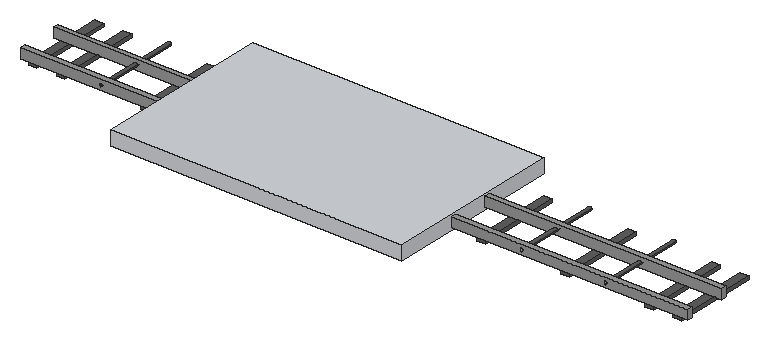
Revit family "1412-2, Veneer", category Generic Models, host Face, Revit 2020
Family settings
  Host = Face
  Can host rebar = No
  Round Connector Dimension = Use Diameter
  Part Type = Normal
  Cut with Voids When Loaded = No
  Shared = No
  Room Calculation Point = No
Parameters
  min_value [instance] = 2' - 4"  # constant formula
  max_value [instance] = 9' - 11 1/4"  # constant formula
  actual_value [instance] = if(NET LENGTH < min_value, min_value, if(NET LENGTH > max_value, max_value, NET LENGTH))  # 7' - 11 1/4"
  NET LENGTH [instance] = 7' - 11 1/4"
  IMPORTANT NOTE!!!                                                                             *Backer & dowel layout is for visualization purposes only, final layout to be determined by 9Wood. [instance] = ""
  Default Elevation = 4' - 0"
  DOWEL RADIUS [instance] = 0' - 0 1/4"  # constant formula
  BACKER & DOWEL MATERIAL [instance] = BLACK-BACKERS
  .. MEMBER WIDTH [instance] = 0' - 0 3/4"  # constant formula
  .. MEMBER MATERIAL [instance] = Veneer Cherry
  .. MEMBER DEPTH [instance] = 0' - 1 3/8"  # constant formula
  .. MEMBER COUNT [instance] = 2  # constant formula
Reference planes (in)
  plane 1 "Center (Front/Back)": y = 0
  plane 2: z = 0
  plane 3 "Center (Left/Right)": x = 0
Forms (in)
  Extrusion 1, solid
    sketch origin (0, 0, 0) x (1, 0, 0) y (0, 1, 0)
      loop
        line (-24.24823, 14.63962) -> (-24.24823, -10.69266) -> (17.36192, -10.69266) -> (17.36192, 14.63962) -> (-24.24823, 14.63962)
    from 0 to 2.0625
Dimensions and locks (in)
  aligned and locked: plane 2 to Extrusion 1
  aligned and locked: nested 1 to plane 2
Nested families (in)
  nested 1: "1400 series" at (-44.01308, -2.1224, -0.06061), NET LENGTH <- "actual_value", .. MEMBER DEPTH <- ".. MEMBER DEPTH", .. MEMBER WIDTH <- ".. MEMBER WIDTH", DOWEL RADIUS <- "DOWEL RADIUS", BACKER & DOWEL MATERIAL <- "BACKER & DOWEL MATERIAL", .. MEMBER MATERIAL <- ".. MEMBER MATERIAL", MEMBER COUNT <- ".. MEMBER COUNT", type "1400 series"
    with X 7' - 8", SCRIM MATERIAL SCRIM, SCRIM LENGTH 8' - 1", SCRIM APPEARANCE yes, SCRIM 2 0' - 0 7/8", SCRIM 1 0' - 0 3/32", OC TYP 1' - 0", NET LENGTH 7' - 11 1/4", N 8, MEMBER COUNT 2, INSET 2 0' - 0 3/16", INSET 0' - 1", HALF MEMBER WIDTH 0' - 0 3/8", END BACKER yes, DOWEL RADIUS 0' - 0 1/4", DOWEL INDEX 0' - 11 5/8", DOWEL COUNT 7, BACKING M COUNT 8, BACKER WIDTH 0' - 1 1/4", BACKER INDEX 0' - 5 5/8", BACKER DEPTH 0' - 0 1/2", BACKER & DOWEL MATERIAL BLACK-BACKERS, BACKER &  DOWEL LENGTH 0' - 11 7/8", .. MEMBER WIDTH 0' - 0 3/4", .. MEMBER OC TYP 0' - 6", .. MEMBER MATERIAL Veneer Cherry, .. MEMBER DEPTH 0' - 1 3/8"
Definition of nested family "1400 series"
  Parameters (values of type "1400 series")
    X [instance] = NET LENGTH - 0' 3 1/4"  # 7' - 2"
    SCRIM MATERIAL [instance] = none
    SCRIM APPEARANCE [instance] = yes
    SCRIM 2 [instance] = 0' - 0 7/8"  # constant formula
    SCRIM 1 [instance] = 0' - 0 3/32"  # constant formula
    OC TYP [instance] = 1' - 0"  # constant formula
    N [instance] = if((X - (rounddown(X / 1' 0") * 1' 0")) > 1' 0", rounddown(X / 1' 0") + 2, rounddown(X / 1' 0") + 1)  # 8
    MEMBER COUNT [instance] = 2
    INSET 5 = 0' - 0 11/16"  # constant formula
    INSET 2 [instance] = 0' - 0 3/16"  # constant formula
    INSET [instance] = 0' - 1"  # constant formula
    END BACKER [instance] = BACKER INDEX > 0' 3 5/8"  # no
    HALF MEMBER WIDTH [instance] = .. MEMBER WIDTH / 2  # 0' - 1 1/8"
    Default Elevation = 0' - 0"
    DOWEL RADIUS [instance] = 0' - 0 1/4"
    DOWEL INDEX [instance] = BACKER INDEX + 0' 6"  # 0' - 8 5/8"
    DOWEL COUNT [instance] = N - 1  # 7
    BACKER WIDTH [instance] = 0' - 1 1/4"  # constant formula
    BACKER INDEX [instance] = (NET LENGTH - ((N - 1) * 1' 0")) / 2  # 0' - 2 5/8"
    BACKER DEPTH [instance] = 0' - 0 1/2"  # constant formula
    BACKING M COUNT [instance] = N  # 8
    BACKER & DOWEL MATERIAL [instance] = none
    BACKER &  DOWEL LENGTH [instance] = 0' - 11 7/8"  # constant formula
    SCRIM LENGTH [instance] = NET LENGTH + (SCRIM 2 * 2)  # 7' - 7"
    .. MEMBER WIDTH [instance] = 0' - 2 1/4"
    .. MEMBER OC TYP [instance] = 1' 0" / MEMBER COUNT  # 0' - 6"
    .. MEMBER MATERIAL [instance] = none
    NET LENGTH [instance] = 7' - 5 1/4"
    .. MEMBER DEPTH [instance] = 0' - 4"
  Reference planes (in)
    plane 1 "Center (Front/Back)": y = 0
    plane 2: z = 0
    plane 3 "Center (Left/Right)": x = 0
    plane 4: x = 89.25
    plane 5: x = 1
    plane 6: x = 88.25
    plane 7: x = 2.625
    plane 8: x = 8.625
    plane 9: x = 14.625
    plane 10: x = 20.625
    plane 11: y = 0.1875
    plane 12: y = 1.125
    plane 13: y = 7.125
    plane 14: y = 12.0625
    plane 15: x = 90.125
    plane 16: x = -0.875
    plane 17: y = 12.15625
    plane 18: y = -0.09375
    plane 19: z = 2.7097
    plane 20: z = 0.56061
    plane 21: z = 1.24811
  Lines and regions (in)
    model lines, not visible
      curve 1: line (8.625, 0, 0.99811) -> (8.625, 0, 1.49811)
      curve 2: line (8.625, 0, 1.49811) -> (8.375, 0, 1.24811)
      curve 3: line (8.375, 0, 1.24811) -> (8.875, 0, 1.24811)
      curve 4: line (20.625, 0, 0.99811) -> (20.625, 0, 1.49811)
      curve 5: line (20.625, 0, 1.49811) -> (20.375, 0, 1.24811)
      curve 6: line (20.375, 0, 1.24811) -> (20.875, 0, 1.24811)
      curve 7: line (32.625, 0, 0.99811) -> (32.625, 0, 1.49811)
      curve 8: line (32.625, 0, 1.49811) -> (32.375, 0, 1.24811)
      curve 9: line (32.375, 0, 1.24811) -> (32.875, 0, 1.24811)
      curve 10: line (44.625, 0, 0.99811) -> (44.625, 0, 1.49811)
      curve 11: line (44.625, 0, 1.49811) -> (44.375, 0, 1.24811)
      curve 12: line (44.375, 0, 1.24811) -> (44.875, 0, 1.24811)
      curve 13: line (56.625, 0, 0.99811) -> (56.625, 0, 1.49811)
      curve 14: line (56.625, 0, 1.49811) -> (56.375, 0, 1.24811)
      curve 15: line (56.375, 0, 1.24811) -> (56.875, 0, 1.24811)
      curve 16: line (68.625, 0, 0.99811) -> (68.625, 0, 1.49811)
      curve 17: line (68.625, 0, 1.49811) -> (68.375, 0, 1.24811)
      curve 18: line (68.375, 0, 1.24811) -> (68.875, 0, 1.24811)
      curve 19: line (80.625, 0, 0.99811) -> (80.625, 0, 1.49811)
      curve 20: line (80.625, 0, 1.49811) -> (80.375, 0, 1.24811)
      curve 21: line (80.375, 0, 1.24811) -> (80.875, 0, 1.24811)
  Dimensions and locks (in)
    "INSET": plane 3 "Center (Left/Right)" to plane 5
    "NET LENGTH": plane 3 "Center (Left/Right)" to plane 4
    "INSET": plane 6 to plane 4
    "BACKER INDEX": plane 3 "Center (Left/Right)" to plane 7
    "DOWEL INDEX": plane 3 "Center (Left/Right)" to plane 8
    "OC TYP": plane 7 to plane 9
    "OC TYP": plane 8 to plane 10
    "INSET 2": plane 1 "Center (Front/Back)" to plane 11
    equal spacing: group 1, group 2, group 5, group 6, group 7, group 13, group 14, group 16  (x3)
    equal spacing: group 3, group 4, group 8, group 9, group 10, group 15, group 17  (x3)
    group 11 to group 12 = 0' - 0"  (x2)
    group 11 to group 12 = 0' - 6"
    ".. MEMBER OC TYP": plane 13 to plane 12
    "HALF MEMBER WIDTH": plane 1 "Center (Front/Back)" to plane 12
    "SCRIM 2": plane 16 to plane 3 "Center (Left/Right)"
    "SCRIM 2": plane 4 to plane 15
    "SCRIM 1": plane 18 to plane 1 "Center (Front/Back)"
    "SCRIM 1": plane 17 to plane 14
    "INSET 5": plane 21 to plane 20
    aligned and locked: level to plane 2
    aligned and locked: plane 7 to nested 2
    aligned and locked: plane 5 to nested 1
    aligned and locked: plane 9 to nested 3
    aligned and locked: nested 1 to plane 5
    aligned and locked: nested 2 to plane 11
    aligned and locked: nested 1 to plane 11
    aligned and locked: nested 3 to plane 11
    aligned and locked: nested 4 to plane 11  (x2)
    aligned and locked: plane 10 to nested 5
    aligned and locked: plane 6 to nested 12
    aligned and locked: nested 5 to plane 11
    aligned and locked: plane 11 to nested 12
    aligned and locked: plane 12 to nested 13
    aligned and locked: nested 14 to plane 13
    aligned and locked: plane 14 to nested 8
    aligned and locked: nested 13 to plane 20
    aligned and locked: plane 21 to nested 4
    aligned and locked: plane 21 to nested 5
    aligned and locked: nested 13 to plane 8
    aligned and locked: plane 10 to nested 13
    aligned and locked: curve 1 to nested 13
    aligned and locked: nested 13 to curve 4
    aligned and locked: plane 20 to nested 1
    aligned and locked: plane 20 to nested 2
    aligned and locked: nested 12 to plane 20
  Automatic sketch dimensions
    curve 3 to curve 1 = 0' - 0 1/4"  (x2)
    curve 1 to curve 3 = 0' - 0 1/4"
    curve 1 to curve 2 = 0' - 0 1/4"
    curve 6 to curve 4 = 0' - 0 1/4"  (x2)
    curve 4 to curve 6 = 0' - 0 1/4"
    curve 4 to curve 5 = 0' - 0 1/4"
    curve 9 to curve 7 = 0' - 0 1/4"  (x2)
    curve 7 to curve 9 = 0' - 0 1/4"
    curve 7 to curve 8 = 0' - 0 1/4"
    curve 12 to curve 10 = 0' - 0 1/4"  (x2)
    curve 10 to curve 12 = 0' - 0 1/4"
    curve 10 to curve 11 = 0' - 0 1/4"
    curve 15 to curve 13 = 0' - 0 1/4"  (x2)
    curve 13 to curve 15 = 0' - 0 1/4"
    curve 13 to curve 14 = 0' - 0 1/4"
    curve 18 to curve 16 = 0' - 0 1/4"  (x2)
    curve 16 to curve 18 = 0' - 0 1/4"
    curve 16 to curve 17 = 0' - 0 1/4"
    curve 21 to curve 19 = 0' - 0 1/4"  (x2)
    curve 19 to curve 21 = 0' - 0 1/4"
    curve 19 to curve 20 = 0' - 0 1/4"
  Nested families (in)
    nested 1: "INSTANCE - 3RD -  EXTEND BOTH SIDES - Parametric Cube.0001" at (1, 0.1875, 0.56061), Length <- "BACKER &  DOWEL LENGTH", Width <- "BACKER WIDTH", Height <- "BACKER DEPTH", Material <- "BACKER & DOWEL MATERIAL", visible <- "END BACKER", type "INSTANCE - 3RD -  EXTEND BOTH SIDES - Parametric Cube.0001"
      with Width 0' - 1 1/4", Material none, Length 0' - 11 7/8", Height 0' - 0 1/2"
    nested 2: "INSTANCE - 2ND -  EXTEND SIDE H CENTER W - Parametric Cube.0001" at (2.625, 0.1875, 0.56061), Width <- "BACKER WIDTH", Length <- "BACKER &  DOWEL LENGTH", Height <- "BACKER DEPTH", Material <- "BACKER & DOWEL MATERIAL", type "INSTANCE - 2ND -  EXTEND SIDE H CENTER W - Parametric Cube.0001"
      with Width 0' - 1 1/4", Material none, Length 0' - 11 7/8", Height 0' - 0 1/2"
    nested 3: "INSTANCE - 2ND -  EXTEND SIDE H CENTER W - Parametric Cube.0001" at (14.625, 0.1875, 0.56061), Width <- "BACKER WIDTH", Length <- "BACKER &  DOWEL LENGTH", Height <- "BACKER DEPTH", Material <- "BACKER & DOWEL MATERIAL", type "INSTANCE - 2ND -  EXTEND SIDE H CENTER W - Parametric Cube.0001"
      with Width 0' - 1 1/4", Material none, Length 0' - 11 7/8", Height 0' - 0 1/2"
    nested 4: "DOWEL" at (-1.375, 0.1875, 1.24811), DOWEL LENGTH <- "BACKER &  DOWEL LENGTH", DOWEL RADII <- "DOWEL RADIUS", BACKING MEM MATERIAL <- "BACKER & DOWEL MATERIAL", type "DOWEL"
      with DOWEL RADII 0' - 0 1/4", DOWEL LENGTH 0' - 11 7/8", BACKING MEM MATERIAL none
    nested 5: "DOWEL" at (10.625, 0.1875, 1.24811), DOWEL LENGTH <- "BACKER &  DOWEL LENGTH", DOWEL RADII <- "DOWEL RADIUS", BACKING MEM MATERIAL <- "BACKER & DOWEL MATERIAL", type "DOWEL"
      with DOWEL RADII 0' - 0 1/4", DOWEL LENGTH 0' - 11 7/8", BACKING MEM MATERIAL none
    nested 6: "INSTANCE - 2ND -  EXTEND SIDE H CENTER W - Parametric Cube.0001" at (26.625, 0.1875, 0.56061), Width <- "BACKER WIDTH", Length <- "BACKER &  DOWEL LENGTH", Height <- "BACKER DEPTH", Material <- "BACKER & DOWEL MATERIAL", type "INSTANCE - 2ND -  EXTEND SIDE H CENTER W - Parametric Cube.0001"
      with Width 0' - 1 1/4", Material none, Length 0' - 11 7/8", Height 0' - 0 1/2"
    nested 7: "INSTANCE - 2ND -  EXTEND SIDE H CENTER W - Parametric Cube.0001" at (38.625, 0.1875, 0.56061), Width <- "BACKER WIDTH", Length <- "BACKER &  DOWEL LENGTH", Height <- "BACKER DEPTH", Material <- "BACKER & DOWEL MATERIAL", type "INSTANCE - 2ND -  EXTEND SIDE H CENTER W - Parametric Cube.0001"
      with Width 0' - 1 1/4", Material none, Length 0' - 11 7/8", Height 0' - 0 1/2"
    nested 8: "INSTANCE - 2ND -  EXTEND SIDE H CENTER W - Parametric Cube.0001" at (50.625, 0.1875, 0.56061), Width <- "BACKER WIDTH", Length <- "BACKER &  DOWEL LENGTH", Height <- "BACKER DEPTH", Material <- "BACKER & DOWEL MATERIAL", type "INSTANCE - 2ND -  EXTEND SIDE H CENTER W - Parametric Cube.0001"
      with Width 0' - 1 1/4", Material none, Length 0' - 11 7/8", Height 0' - 0 1/2"
    nested 9: "DOWEL" at (22.625, 0.1875, 1.24811), DOWEL LENGTH <- "BACKER &  DOWEL LENGTH", DOWEL RADII <- "DOWEL RADIUS", BACKING MEM MATERIAL <- "BACKER & DOWEL MATERIAL", type "DOWEL"
      with DOWEL RADII 0' - 0 1/4", DOWEL LENGTH 0' - 11 7/8", BACKING MEM MATERIAL none
    nested 10: "DOWEL" at (34.625, 0.1875, 1.24811), DOWEL LENGTH <- "BACKER &  DOWEL LENGTH", DOWEL RADII <- "DOWEL RADIUS", BACKING MEM MATERIAL <- "BACKER & DOWEL MATERIAL", type "DOWEL"
      with DOWEL RADII 0' - 0 1/4", DOWEL LENGTH 0' - 11 7/8", BACKING MEM MATERIAL none
    nested 11: "DOWEL" at (46.625, 0.1875, 1.24811), DOWEL LENGTH <- "BACKER &  DOWEL LENGTH", DOWEL RADII <- "DOWEL RADIUS", BACKING MEM MATERIAL <- "BACKER & DOWEL MATERIAL", type "DOWEL"
      with DOWEL RADII 0' - 0 1/4", DOWEL LENGTH 0' - 11 7/8", BACKING MEM MATERIAL none
    nested 12: "INSTANCE - 3RD -  EXTEND BOTH SIDES - Parametric Cube.0001" at (88.25, 0.1875, 0.56061) x (-1, 0, 0) z (0, 0, 1), Width <- "BACKER WIDTH", Length <- "BACKER &  DOWEL LENGTH", Height <- "BACKER DEPTH", Material <- "BACKER & DOWEL MATERIAL", visible <- "END BACKER", type "INSTANCE - 3RD -  EXTEND BOTH SIDES - Parametric Cube.0001"
      with Width 0' - 1 1/4", Material none, Length 0' - 11 7/8", Height 0' - 0 1/2"
    nested 13: "HOLED MEMBER" at (0, -9.75, 8.12965), DOWEL INDEX <- "DOWEL INDEX", .. MEMBER LENGTH <- "NET LENGTH", .. MEMBER WIDTH <- ".. MEMBER WIDTH", DOWEL OC DIST <- "OC TYP", DOWEL RADII <- "DOWEL RADIUS", Material <- ".. MEMBER MATERIAL", DEPTH <- ".. MEMBER DEPTH", DOWEL COUNT <- "DOWEL COUNT", Space <- "INSET 5", type "HOLED MEMBER"
      with Space 0' - 0 11/16", Material none, Height 0' - 10.43096", HALF MEMBER WIDTH 0' - 1 1/8", DOWEL RADII 0' - 0 1/4", DOWEL OC DIST 1' - 0", DOWEL INDEX 0' - 8 5/8", DOWEL COUNT 7, DEPTH 0' - 4", .. MEMBER WIDTH 0' - 2 1/4", .. MEMBER LENGTH 7' - 5 1/4"
    nested 14: "HOLED MEMBER" at (0, -3.75, 8.12965), DOWEL INDEX <- "DOWEL INDEX", .. MEMBER LENGTH <- "NET LENGTH", .. MEMBER WIDTH <- ".. MEMBER WIDTH", DOWEL OC DIST <- "OC TYP", DOWEL RADII <- "DOWEL RADIUS", Material <- ".. MEMBER MATERIAL", DEPTH <- ".. MEMBER DEPTH", DOWEL COUNT <- "DOWEL COUNT", Space <- "INSET 5", type "HOLED MEMBER"
      with Space 0' - 0 11/16", Material none, Height 0' - 10.43096", HALF MEMBER WIDTH 0' - 1 1/8", DOWEL RADII 0' - 0 1/4", DOWEL OC DIST 1' - 0", DOWEL INDEX 0' - 8 5/8", DOWEL COUNT 7, DEPTH 0' - 4", .. MEMBER WIDTH 0' - 2 1/4", .. MEMBER LENGTH 7' - 5 1/4"
    nested 15: "INSTANCE - 2ND -  EXTEND SIDE H CENTER W - Parametric Cube.0001" at (62.625, 0.1875, 0.56061), Width <- "BACKER WIDTH", Length <- "BACKER &  DOWEL LENGTH", Height <- "BACKER DEPTH", Material <- "BACKER & DOWEL MATERIAL", type "INSTANCE - 2ND -  EXTEND SIDE H CENTER W - Parametric Cube.0001"
      with Width 0' - 1 1/4", Material none, Length 0' - 11 7/8", Height 0' - 0 1/2"
    nested 16: "INSTANCE - 2ND -  EXTEND SIDE H CENTER W - Parametric Cube.0001" at (74.625, 0.1875, 0.56061), Width <- "BACKER WIDTH", Length <- "BACKER &  DOWEL LENGTH", Height <- "BACKER DEPTH", Material <- "BACKER & DOWEL MATERIAL", type "INSTANCE - 2ND -  EXTEND SIDE H CENTER W - Parametric Cube.0001"
      with Width 0' - 1 1/4", Material none, Length 0' - 11 7/8", Height 0' - 0 1/2"
    nested 17: "DOWEL" at (58.625, 0.1875, 1.24811), DOWEL LENGTH <- "BACKER &  DOWEL LENGTH", DOWEL RADII <- "DOWEL RADIUS", BACKING MEM MATERIAL <- "BACKER & DOWEL MATERIAL", type "DOWEL"
      with DOWEL RADII 0' - 0 1/4", DOWEL LENGTH 0' - 11 7/8", BACKING MEM MATERIAL none
    nested 18: "INSTANCE - 2ND -  EXTEND SIDE H CENTER W - Parametric Cube.0001" at (86.625, 0.1875, 0.56061), Width <- "BACKER WIDTH", Length <- "BACKER &  DOWEL LENGTH", Height <- "BACKER DEPTH", Material <- "BACKER & DOWEL MATERIAL", type "INSTANCE - 2ND -  EXTEND SIDE H CENTER W - Parametric Cube.0001"
      with Width 0' - 1 1/4", Material none, Length 0' - 11 7/8", Height 0' - 0 1/2"
    nested 19: "DOWEL" at (70.625, 0.1875, 1.24811), DOWEL LENGTH <- "BACKER &  DOWEL LENGTH", DOWEL RADII <- "DOWEL RADIUS", BACKING MEM MATERIAL <- "BACKER & DOWEL MATERIAL", type "DOWEL"
      with DOWEL RADII 0' - 0 1/4", DOWEL LENGTH 0' - 11 7/8", BACKING MEM MATERIAL none
  Definition of nested family "INSTANCE - 3RD -  EXTEND BOTH SIDES - Parametric Cube.0001"
    Parameters (values of type "INSTANCE - 3RD -  EXTEND BOTH SIDES - Parametric Cube.0001")
      Width [instance] = 0' - 6"
      Material [instance] = none
      Length [instance] = 1' - 0"
      Height [instance] = 1' - 6"
      Default Elevation = 0' - 0"
    Reference planes (in)
      plane 1 "Center (Front/Back)": y = 0
      plane 2: z = 0
      plane 3 "Center (Left/Right)": x = 0
      plane 4: x = 6
      plane 5: y = 12
      plane 6: z = -18
    Forms (in)
      Extrusion 1, solid, material <- "Material"
        sketch origin (0, 6, 0) x (1, 0, 0) y (0, 1, 0)
          loop
            line (0, 6) -> (0, -6) -> (6, -6) -> (6, 6) -> (0, 6)
        from -18 to 0
    Dimensions and locks (in)
      "Height": plane 6 to level
      "Length": plane 1 "Center (Front/Back)" to plane 5
      "Width": plane 3 "Center (Left/Right)" to plane 4
      aligned and locked: plane 2 to level
      aligned and locked: Extrusion 1 sketch curve to plane 4
      aligned and locked: Extrusion 1 to plane 6
      aligned and locked: plane 5 to Extrusion 1
      aligned and locked: Extrusion 1 to plane 3 "Center (Left/Right)"
    Automatic sketch dimensions
      plane 1 "Center (Front/Back)" to Extrusion 1 sketch curve = 0' - 0"
      plane 5 to Extrusion 1 sketch curve = 0' - 0"
      Extrusion 1 sketch curve to plane 3 "Center (Left/Right)" = 0' - 0"
  Definition of nested family "INSTANCE - 2ND -  EXTEND SIDE H CENTER W - Parametric Cube.0001"
    Parameters (values of type "INSTANCE - 2ND -  EXTEND SIDE H CENTER W - Parametric Cube.0001")
      Width [instance] = 0' - 6"
      Material [instance] = none
      Length [instance] = 1' - 0"
      Height [instance] = 1' - 6"
      Default Elevation = 0' - 0"
    Reference planes (in)
      plane 1 "Center (Front/Back)": y = 0
      plane 2: z = 0
      plane 3 "Center (Left/Right)": x = 0
      plane 4: x = -3
      plane 5: x = 3
      plane 6: y = 12
      plane 7: z = -18
    Forms (in)
      Extrusion 1, solid, material <- "Material"
        sketch origin (0, 6, 0) x (1, 0, 0) y (0, 1, 0)
          loop
            line (-3, 6) -> (-3, -6) -> (3, -6) -> (3, 6) -> (-3, 6)
        from -18 to 0
    Dimensions and locks (in)
      equal spacing: plane 4, plane 3 "Center (Left/Right)", plane 5
      "Width": plane 4 to plane 5
      "Height": plane 7 to level
      "Length": plane 1 "Center (Front/Back)" to plane 6
      aligned and locked: plane 2 to level
      aligned and locked: plane 4 to Extrusion 1 sketch curve
      aligned and locked: Extrusion 1 sketch curve to plane 5
      aligned and locked: Extrusion 1 to plane 7
      aligned and locked: plane 6 to Extrusion 1
    Automatic sketch dimensions
      plane 1 "Center (Front/Back)" to Extrusion 1 sketch curve = 0' - 0"
      plane 6 to Extrusion 1 sketch curve = 0' - 0"
  Definition of nested family "DOWEL"
    Parameters (values of type "DOWEL")
      Default Elevation = 0' - 0"
      DOWEL RADII [instance] = 0' - 0 5/8"
      DOWEL LENGTH [instance] = 1' - 0"
      BACKING MEM MATERIAL [instance] = none
    Reference planes (in)
      plane 1 "Center (Front/Back)": y = 0
      plane 2: z = 0
      plane 3 "Center (Left/Right)": x = 0
      plane 4: y = 12
    Forms (in)
      Extrusion 1, solid, material <- "BACKING MEM MATERIAL"
        sketch origin (10, 0, 0) x (1, 0, 0) y (0, 0, 1)
          loop
            circle (0, 0) r 0.625
        from 0 to -12
      Extrusion 2, solid, not visible
        sketch origin (0, 0, 0) x (1, 0, 0) y (0, 0, 1)
          loop
            circle (0, 0) r 0.625
        from 0 to 12
      Extrusion 3, solid, not visible
        sketch origin (10, 0, 0) x (1, 0, 0) y (0, 0, 1)
          loop
            circle (0, 0) r 0.625
        from 0 to 2.5
      Extrusion 4, solid, not visible
        sketch origin (10, 0, 0) x (1, 0, 0) y (0, 0, 1)
          loop
            circle (0, 0) r 0.625
        from 0 to -12
    Lines and regions (in)
      model lines, not visible
        curve 1: line (-13, 0, 0) -> (-13, -12, 0)
        curve 2: line (13, 0, 0) -> (13, -12, 0)
        curve 3: line (9.89453, 0, 0) -> (10.08794, 0, 0)
        curve 4: line (9.89453, -2.5, 0) -> (10.08794, -2.5, 0)
        curve 6: line (10, 0, 0) -> (10, 2, 0)
      model lines
        curve 5: line (10, 0, 0) -> (10, 2, 0)
    Dimensions and locks (in)
      "DOWEL LENGTH": plane 1 "Center (Front/Back)" to plane 4
      "DOWEL RADII": radius of Extrusion 1 sketch curve
      "DOWEL RADII": radius of Extrusion 2 sketch curve
      "DOWEL RADII": radius of Extrusion 3 sketch curve
      "DOWEL RADII": radius of Extrusion 4 sketch curve
      "DOWEL RADII": radius of Extrusion 1
      aligned and locked: plane 2 to level
      aligned and locked: Extrusion 1 to plane 1 "Center (Front/Back)"  (x3)
      aligned and locked: plane 1 "Center (Front/Back)" to Extrusion 1
      aligned and locked: plane 4 to Extrusion 1
    Automatic sketch dimensions
      plane 1 "Center (Front/Back)" to curve 5 = 0' - 0"
      curve 5 to plane 1 "Center (Front/Back)" = 0' - 2"
      plane 3 "Center (Left/Right)" to curve 5 = 0' - 10"
      Extrusion 1 sketch curve to level = 0' - 0"
      plane 3 "Center (Left/Right)" to Extrusion 1 sketch curve = 0' - 10"
  Definition of nested family "HOLED MEMBER"
    Parameters (values of type "HOLED MEMBER")
      Space [instance] = 0' - 0 5/8"
      Material [instance] = none
      Height [instance] = 0' - 10.43096"
      HALF MEMBER WIDTH [instance] = .. MEMBER WIDTH / 2  # 0' - 0 5/16"
      Default Elevation = 0' - 0"
      DOWEL RADII [instance] = 0' - 0.34537"
      DOWEL OC DIST [instance] = 1' - 0"
      DOWEL INSET = 0' - 0 5/8"
      DOWEL INDEX [instance] = 0' - 5 5/8"
      DOWEL COUNT [instance] = 6
      DEPTH [instance] = 0' - 2"
      .. MEMBER WIDTH [instance] = 0' - 0 5/8"
      .. MEMBER LENGTH [instance] = 5' - 11 3/4"
    Reference planes (in)
      plane 1 "Center (Front/Back)": y = 12
      plane 2: z = -7.56904
      plane 3 "Center (Left/Right)": x = 0
      plane 4: x = 5.625
      plane 5: x = 17.625
      plane 6: y = 11.375
      plane 7: x = 71.75
      plane 8: y = 11.6875
      plane 9: z = -6.94404
      plane 10: z = -5.56904
    Forms (in)
      Extrusion 1, solid, material <- "Material"
        sketch origin (0, 12, -13.56904) x (1, 0, 0) y (0, 0, 1)
          loop
            line (0, 6) -> (71.75, 6) -> (71.75, 8) -> (0, 8) -> (0, 6)
        from 0.625 to 0
      Extrusion 2, void
        sketch origin (0, 12, -18.31904) x (1, 0, 0) y (0, 0, 1)
          loop
            circle (5.625, 11.375) r 0.34537
        from 0 to 12
      Extrusion 3, void, not visible
        sketch origin (0, 0, 0) x (1, 0, 0) y (0, 1, 0)
          loop
            circle (5.625, 11.375) r 0.34537
        from 0 to 12
      Extrusion 4, void, not visible
        sketch origin (0, 0, 0) x (1, 0, 0) y (0, 1, 0)
          loop
            circle (5.625, 11.375) r 0.34537
        from 0 to 12
      Extrusion 5, void, not visible
        sketch origin (12, 0, 0) x (1, 0, 0) y (0, 1, 0)
          loop
            circle (5.625, 11.375) r 0.34537
        from 0 to 12
      Extrusion 6, void, not visible
        sketch origin (0, 12, -17.56904) x (1, 0, 0) y (0, 0, 1)
          loop
            circle (5.625, 11.375) r 0.34537
        from 0 to 12
      Extrusion 7, void, not visible
        sketch origin (12, 12, -17.56904) x (1, 0, 0) y (0, 0, 1)
          loop
            circle (5.625, 11.375) r 0.34537
        from 0 to 12
      Extrusion 8, void, not visible
        sketch origin (0, 12, -19.56904) x (1, 0, 0) y (0, 0, 1)
          loop
            circle (5.625, 11.375) r 0.34537
        from 0 to 12
      Extrusion 9, void
        sketch origin (12, 12, -18.31904) x (1, 0, 0) y (0, 0, 1)
          loop
            circle (5.625, 11.375) r 0.34537
        from 0 to 12
      Extrusion 10, void
        sketch origin (24, 12, -18.31904) x (1, 0, 0) y (0, 0, 1)
          loop
            circle (5.625, 11.375) r 0.34537
        from 0 to 12
      Extrusion 11, void
        sketch origin (36, 12, -18.31904) x (1, 0, 0) y (0, 0, 1)
          loop
            circle (5.625, 11.375) r 0.34537
        from 0 to 12
      Extrusion 12, void
        sketch origin (48, 12, -18.31904) x (1, 0, 0) y (0, 0, 1)
          loop
            circle (5.625, 11.375) r 0.34537
        from 0 to 12
      Extrusion 13, void
        sketch origin (60, 12, -18.31904) x (1, 0, 0) y (0, 0, 1)
          loop
            circle (5.625, 11.375) r 0.34537
        from 0 to 12
      Extrusion 14, void, not visible
        sketch origin (24, 12, -17.56904) x (1, 0, 0) y (0, 0, 1)
          loop
            circle (5.625, 11.375) r 0.34537
        from 0 to 12
      Extrusion 15, void, not visible
        sketch origin (36, 12, -17.56904) x (1, 0, 0) y (0, 0, 1)
          loop
            circle (5.625, 11.375) r 0.34537
        from 0 to 12
      Extrusion 16, void, not visible
        sketch origin (48, 12, -17.56904) x (1, 0, 0) y (0, 0, 1)
          loop
            circle (5.625, 11.375) r 0.34537
        from 0 to 12
      Extrusion 17, void, not visible
        sketch origin (60, 12, -17.56904) x (1, 0, 0) y (0, 0, 1)
          loop
            circle (5.625, 11.375) r 0.34537
        from 0 to 12
      Extrusion 18, void, not visible
        sketch origin (24, 0, 0) x (1, 0, 0) y (0, 1, 0)
          loop
            circle (5.625, 11.375) r 0.34537
        from 0 to 12
      Extrusion 19, void, not visible
        sketch origin (36, 0, 0) x (1, 0, 0) y (0, 1, 0)
          loop
            circle (5.625, 11.375) r 0.34537
        from 0 to 12
      Extrusion 20, void, not visible
        sketch origin (48, 0, 0) x (1, 0, 0) y (0, 1, 0)
          loop
            circle (5.625, 11.375) r 0.34537
        from 0 to 12
      Extrusion 21, void, not visible
        sketch origin (60, 0, 0) x (1, 0, 0) y (0, 1, 0)
          loop
            circle (5.625, 11.375) r 0.34537
        from 0 to 12
    Cuts and joins
      Extrusion 2, Extrusion 9, Extrusion 10, Extrusion 11, Extrusion 12, Extrusion 13 cuts Extrusion 1
    Lines and regions (in)
      model lines, not visible
        curve 1: line (5.625, 11.72037, 0) -> (5.625, 11.02963, 0)
        curve 2: line (5.625, 11.72037, 0) -> (5.625, 11.02963, 0)
        curve 3: line (17.625, 11.72037, 0) -> (17.625, 11.02963, 0)
        curve 4: line (5.625, 12, -7.56904) -> (5.625, 11.87317, -7.56904)
        curve 5: line (5.625, 11.87317, -7.56904) -> (5.06195, 11.87317, -7.56904)
        curve 6: line (5.06195, 11.87317, -7.56904) -> (5.27963, 11.375, -7.56904)
        curve 7: line (0, 12, -6.19404) -> (0, 11.61951, -6.19404)
        curve 9: line (0, 11.375, -8.19404) -> (0, 11.6747, -8.19404)
        curve 10: line (5.625, 12, -7.56904) -> (5.625, 11.69863, -7.56904)
        curve 11: line (5.625, 12, -7.56904) -> (5.625, 11.69863, -7.56904)
        curve 12: line (5.625, 10.75, 0) -> (5.625, 10.75, 0.30137)
        curve 13: line (5.625, 10.75, 0) -> (5.625, 10.75, 0.30137)
        curve 14: line (17.625, 10.75, 0) -> (17.625, 10.75, 0.30137)
        curve 15: line (5.625, 12, -6.81904) -> (5.625, 11.69863, -6.81904)
        curve 16: line (17.625, 12, -6.81904) -> (17.625, 11.69863, -6.81904)
        curve 17: line (5.625, 12, -8.81904) -> (5.625, 11.69863, -8.81904)
        curve 18: line (17.625, 12, -7.56904) -> (17.625, 11.69863, -7.56904)
        curve 19: line (29.625, 12, -7.56904) -> (29.625, 11.69863, -7.56904)
        curve 20: line (41.625, 12, -7.56904) -> (41.625, 11.69863, -7.56904)
        curve 21: line (53.625, 12, -7.56904) -> (53.625, 11.69863, -7.56904)
        curve 22: line (65.625, 12, -7.56904) -> (65.625, 11.69863, -7.56904)
        curve 23: line (29.625, 12, -6.81904) -> (29.625, 11.69863, -6.81904)
        curve 24: line (41.625, 12, -6.81904) -> (41.625, 11.69863, -6.81904)
        curve 25: line (53.625, 12, -6.81904) -> (53.625, 11.69863, -6.81904)
        curve 26: line (65.625, 12, -6.81904) -> (65.625, 11.69863, -6.81904)
        curve 27: line (29.625, 11.72037, 0) -> (29.625, 11.02963, 0)
        curve 28: line (29.625, 10.75, 0) -> (29.625, 10.75, 0.30137)
        curve 29: line (41.625, 11.72037, 0) -> (41.625, 11.02963, 0)
        curve 30: line (41.625, 10.75, 0) -> (41.625, 10.75, 0.30137)
        curve 31: line (53.625, 11.72037, 0) -> (53.625, 11.02963, 0)
        curve 32: line (53.625, 10.75, 0) -> (53.625, 10.75, 0.30137)
        curve 33: line (65.625, 11.72037, 0) -> (65.625, 11.02963, 0)
        curve 34: line (65.625, 10.75, 0) -> (65.625, 10.75, 0.30137)
        curve 35: line (5.27963, 12, -6.94404) -> (5.97037, 12, -6.94404)
        curve 36: line (5.97037, 12, -6.94404) -> (5.625, 12, -6.59867)
        curve 37: line (5.625, 12, -6.59867) -> (5.625, 12, -7.28941)
        curve 38: line (5.27963, 11.375, 0) -> (5.97037, 11.375, 0)
        curve 39: line (5.97037, 11.375, 0) -> (5.625, 11.72037, 0)
        curve 40: line (5.625, 11.72037, 0) -> (5.625, 11.02963, 0)
        curve 41: line (5.27963, 11.375, 0) -> (5.97037, 11.375, 0)
        curve 42: line (5.97037, 11.375, 0) -> (5.625, 11.72037, 0)
        curve 43: line (5.625, 11.72037, 0) -> (5.625, 11.02963, 0)
        curve 44: line (17.27963, 11.375, 0) -> (17.97037, 11.375, 0)
        curve 45: line (17.97037, 11.375, 0) -> (17.625, 11.72037, 0)
        curve 46: line (17.625, 11.72037, 0) -> (17.625, 11.02963, 0)
        curve 47: line (5.27963, 12, -6.19404) -> (5.97037, 12, -6.19404)
        curve 48: line (5.97037, 12, -6.19404) -> (5.625, 12, -5.84867)
        curve 49: line (5.625, 12, -5.84867) -> (5.625, 12, -6.53941)
        curve 50: line (17.27963, 12, -6.19404) -> (17.97037, 12, -6.19404)
        curve 51: line (17.97037, 12, -6.19404) -> (17.625, 12, -5.84867)
        curve 52: line (17.625, 12, -5.84867) -> (17.625, 12, -6.53941)
        curve 53: line (5.27963, 12, -8.19404) -> (5.97037, 12, -8.19404)
        curve 54: line (5.97037, 12, -8.19404) -> (5.625, 12, -7.84867)
        curve 55: line (5.625, 12, -7.84867) -> (5.625, 12, -8.53941)
        curve 56: line (17.27963, 12, -6.94404) -> (17.97037, 12, -6.94404)
        curve 57: line (17.97037, 12, -6.94404) -> (17.625, 12, -6.59867)
        curve 58: line (17.625, 12, -6.59867) -> (17.625, 12, -7.28941)
        curve 59: line (29.27963, 12, -6.94404) -> (29.97037, 12, -6.94404)
        curve 60: line (29.97037, 12, -6.94404) -> (29.625, 12, -6.59867)
        curve 61: line (29.625, 12, -6.59867) -> (29.625, 12, -7.28941)
        curve 62: line (41.27963, 12, -6.94404) -> (41.97037, 12, -6.94404)
        curve 63: line (41.97037, 12, -6.94404) -> (41.625, 12, -6.59867)
        curve 64: line (41.625, 12, -6.59867) -> (41.625, 12, -7.28941)
        curve 65: line (53.27963, 12, -6.94404) -> (53.97037, 12, -6.94404)
        curve 66: line (53.97037, 12, -6.94404) -> (53.625, 12, -6.59867)
        curve 67: line (53.625, 12, -6.59867) -> (53.625, 12, -7.28941)
        curve 68: line (65.27963, 12, -6.94404) -> (65.97037, 12, -6.94404)
        curve 69: line (65.97037, 12, -6.94404) -> (65.625, 12, -6.59867)
        curve 70: line (65.625, 12, -6.59867) -> (65.625, 12, -7.28941)
        curve 71: line (29.27963, 12, -6.19404) -> (29.97037, 12, -6.19404)
        curve 72: line (29.97037, 12, -6.19404) -> (29.625, 12, -5.84867)
        curve 73: line (29.625, 12, -5.84867) -> (29.625, 12, -6.53941)
        curve 74: line (41.27963, 12, -6.19404) -> (41.97037, 12, -6.19404)
        curve 75: line (41.97037, 12, -6.19404) -> (41.625, 12, -5.84867)
        curve 76: line (41.625, 12, -5.84867) -> (41.625, 12, -6.53941)
        curve 77: line (53.27963, 12, -6.19404) -> (53.97037, 12, -6.19404)
        curve 78: line (53.97037, 12, -6.19404) -> (53.625, 12, -5.84867)
        curve 79: line (53.625, 12, -5.84867) -> (53.625, 12, -6.53941)
        curve 80: line (65.27963, 12, -6.19404) -> (65.97037, 12, -6.19404)
        curve 81: line (65.97037, 12, -6.19404) -> (65.625, 12, -5.84867)
        curve 82: line (65.625, 12, -5.84867) -> (65.625, 12, -6.53941)
        curve 83: line (29.27963, 11.375, 0) -> (29.97037, 11.375, 0)
        curve 84: line (29.97037, 11.375, 0) -> (29.625, 11.72037, 0)
        curve 85: line (29.625, 11.72037, 0) -> (29.625, 11.02963, 0)
        curve 86: line (41.27963, 11.375, 0) -> (41.97037, 11.375, 0)
        curve 87: line (41.97037, 11.375, 0) -> (41.625, 11.72037, 0)
        curve 88: line (41.625, 11.72037, 0) -> (41.625, 11.02963, 0)
        curve 89: line (53.27963, 11.375, 0) -> (53.97037, 11.375, 0)
        curve 90: line (53.97037, 11.375, 0) -> (53.625, 11.72037, 0)
        curve 91: line (53.625, 11.72037, 0) -> (53.625, 11.02963, 0)
        curve 92: line (65.27963, 11.375, 0) -> (65.97037, 11.375, 0)
        curve 93: line (65.97037, 11.375, 0) -> (65.625, 11.72037, 0)
        curve 94: line (65.625, 11.72037, 0) -> (65.625, 11.02963, 0)
      model lines
        curve 8: line (5.625, 12, -7.56904) -> (5.625, 11.69863, -7.56904)
    Dimensions and locks (in)
      "DOWEL INDEX": plane 3 "Center (Left/Right)" to plane 4
      "DOWEL OC DIST": plane 4 to plane 5
      ".. MEMBER LENGTH": plane 3 "Center (Left/Right)" to plane 7
      equal spacing: group 3, group 4, group 21, group 22, group 23, group 24  (x3)
      equal spacing: group 7, group 8, group 17, group 18, group 19, group 20  (x3)
      ".. MEMBER WIDTH": plane 6 to plane 1 "Center (Front/Back)"
      "HALF MEMBER WIDTH": plane 8 to plane 1 "Center (Front/Back)"
      equal spacing: group 1, group 12, group 13, group 14, group 15, group 16  (x2)
      equal spacing: group 16, group 15, group 14, group 13, group 12, group 1
      "DEPTH": plane 10 to level
      "Space": plane 9 to level
      "DOWEL RADII": radius of Extrusion 2 sketch curve
      "DOWEL RADII": radius of Extrusion 3 sketch curve
      "DOWEL RADII": radius of Extrusion 4 sketch curve
      "DOWEL RADII": radius of Extrusion 5 sketch curve
      "DOWEL RADII": radius of Extrusion 6 sketch curve
      "DOWEL RADII": radius of Extrusion 7 sketch curve
      "DOWEL RADII": radius of Extrusion 8 sketch curve
      "DOWEL RADII": radius of Extrusion 9 sketch curve
      "DOWEL RADII": radius of Extrusion 10 sketch curve
      "DOWEL RADII": radius of Extrusion 11 sketch curve
      "DOWEL RADII": radius of Extrusion 12 sketch curve
      "DOWEL RADII": radius of Extrusion 13 sketch curve
      "DOWEL RADII": radius of Extrusion 14 sketch curve
      "DOWEL RADII": radius of Extrusion 15 sketch curve
      "DOWEL RADII": radius of Extrusion 16 sketch curve
      "DOWEL RADII": radius of Extrusion 17 sketch curve
      "DOWEL RADII": radius of Extrusion 18 sketch curve
      "DOWEL RADII": radius of Extrusion 19 sketch curve
      "DOWEL RADII": radius of Extrusion 20 sketch curve
      "DOWEL RADII": radius of Extrusion 21 sketch curve
      aligned and locked: level to plane 2
      aligned and locked: Extrusion 1 to plane 3 "Center (Left/Right)"  (x2)
      aligned and locked: plane 7 to cut or joined group of Extrusion 1, Extrusion 2, Extrusion 9, Extrusion 10, Extrusion 11, Extrusion 12, Extrusion 13  (x2)
      aligned and locked: cut or joined group of Extrusion 1, Extrusion 2, Extrusion 9, Extrusion 10, Extrusion 11, Extrusion 12, Extrusion 13 to plane 1 "Center (Front/Back)"  (x2)
      aligned and locked: cut or joined group of Extrusion 1, Extrusion 2, Extrusion 9, Extrusion 10, Extrusion 11, Extrusion 12, Extrusion 13 to plane 6  (x2)
      aligned and locked: plane 4 to curve 11
      aligned and locked: curve 18 to plane 5
      aligned and locked: plane 4 to group 1
      aligned and locked: group 12 to plane 5
      aligned and locked: curve 35 to plane 9
      aligned and locked: plane 4 to curve 37
      aligned and locked: curve 56 to plane 9
      aligned and locked: curve 58 to plane 5
      aligned and locked: plane 10 to cut or joined group of Extrusion 1, Extrusion 2, Extrusion 9, Extrusion 10, Extrusion 11, Extrusion 12, Extrusion 13  (x2)
      aligned and locked: cut or joined group of Extrusion 1, Extrusion 2, Extrusion 9, Extrusion 10, Extrusion 11, Extrusion 12, Extrusion 13 to level
      aligned and locked: level to cut or joined group of Extrusion 1, Extrusion 2, Extrusion 9, Extrusion 10, Extrusion 11, Extrusion 12, Extrusion 13
    Automatic sketch dimensions
      curve 1 to curve 1 = 0' - 0.69074"
      curve 2 to curve 2 = 0' - 0.69074"
      curve 3 to curve 3 = 0' - 0.69074"
      Extrusion 1 sketch curve to plane 3 "Center (Left/Right)" = 0' - 0"
      Extrusion 1 sketch curve to plane 7 = 0' - 0"
      Extrusion 1 sketch curve to Extrusion 1 sketch curve = 0' - 2"
      Extrusion 1 sketch curve to level = 0' - 0"
      curve 8 to curve 8 = 0' - 0.30137"
      curve 10 to curve 10 = 0' - 0.30137"
      curve 8 to plane 4 = 0' - 0"
      plane 1 "Center (Front/Back)" to curve 8 = 0' - 0"
      plane 1 "Center (Front/Back)" to curve 8 = 0' - 0.30137"
      curve 11 to curve 11 = 0' - 0.30137"
      curve 12 to curve 12 = 0' - 0.30137"
      curve 13 to curve 13 = 0' - 0.30137"
      curve 14 to curve 14 = 0' - 0.30137"
      curve 15 to curve 15 = 0' - 0.30137"
      curve 16 to curve 16 = 0' - 0.30137"
      curve 17 to curve 17 = 0' - 0.30137"
      curve 18 to curve 18 = 0' - 0.30137"
      curve 19 to curve 19 = 0' - 0.30137"
      curve 20 to curve 20 = 0' - 0.30137"
      curve 21 to curve 21 = 0' - 0.30137"
      curve 22 to curve 22 = 0' - 0.30137"
      curve 23 to curve 23 = 0' - 0.30137"
      curve 24 to curve 24 = 0' - 0.30137"
      curve 25 to curve 25 = 0' - 0.30137"
      curve 26 to curve 26 = 0' - 0.30137"
      curve 27 to curve 27 = 0' - 0.69074"
      curve 28 to curve 28 = 0' - 0.30137"
      curve 29 to curve 29 = 0' - 0.69074"
      curve 30 to curve 30 = 0' - 0.30137"
      curve 31 to curve 31 = 0' - 0.69074"
      curve 32 to curve 32 = 0' - 0.30137"
      curve 33 to curve 33 = 0' - 0.69074"
      curve 34 to curve 34 = 0' - 0.30137"
      curve 37 to curve 35 = 0' - 0.34537"  (x2)
      curve 35 to curve 36 = 0' - 0.34537"
      curve 35 to curve 37 = 0' - 0.34537"
      curve 40 to curve 38 = 0' - 0.34537"  (x2)
      curve 38 to curve 39 = 0' - 0.34537"
      curve 38 to curve 40 = 0' - 0.34537"
      curve 43 to curve 41 = 0' - 0.34537"  (x2)
      curve 41 to curve 42 = 0' - 0.34537"
      curve 41 to curve 43 = 0' - 0.34537"
      curve 46 to curve 44 = 0' - 0.34537"  (x2)
      curve 44 to curve 45 = 0' - 0.34537"
      curve 44 to curve 46 = 0' - 0.34537"
      curve 49 to curve 47 = 0' - 0.34537"  (x2)
      curve 47 to curve 48 = 0' - 0.34537"
      curve 47 to curve 49 = 0' - 0.34537"
      curve 52 to curve 50 = 0' - 0.34537"  (x2)
      curve 50 to curve 51 = 0' - 0.34537"
      curve 50 to curve 52 = 0' - 0.34537"
      curve 55 to curve 53 = 0' - 0.34537"  (x2)
      curve 53 to curve 54 = 0' - 0.34537"
      curve 53 to curve 55 = 0' - 0.34537"
      curve 58 to curve 56 = 0' - 0.34537"  (x2)
      curve 56 to curve 57 = 0' - 0.34537"
      curve 56 to curve 58 = 0' - 0.34537"
      curve 61 to curve 59 = 0' - 0.34537"  (x2)
      curve 59 to curve 60 = 0' - 0.34537"
      curve 59 to curve 61 = 0' - 0.34537"
      curve 64 to curve 62 = 0' - 0.34537"  (x2)
      curve 62 to curve 63 = 0' - 0.34537"
      curve 62 to curve 64 = 0' - 0.34537"
      curve 67 to curve 65 = 0' - 0.34537"  (x2)
      curve 65 to curve 66 = 0' - 0.34537"
      curve 65 to curve 67 = 0' - 0.34537"
      curve 70 to curve 68 = 0' - 0.34537"  (x2)
      curve 68 to curve 69 = 0' - 0.34537"
      curve 68 to curve 70 = 0' - 0.34537"
      curve 73 to curve 71 = 0' - 0.34537"  (x2)
      curve 71 to curve 72 = 0' - 0.34537"
      curve 71 to curve 73 = 0' - 0.34537"
      curve 76 to curve 74 = 0' - 0.34537"  (x2)
      curve 74 to curve 75 = 0' - 0.34537"
      curve 74 to curve 76 = 0' - 0.34537"
      curve 79 to curve 77 = 0' - 0.34537"  (x2)
      curve 77 to curve 78 = 0' - 0.34537"
      curve 77 to curve 79 = 0' - 0.34537"
      curve 82 to curve 80 = 0' - 0.34537"  (x2)
      curve 80 to curve 81 = 0' - 0.34537"
      curve 80 to curve 82 = 0' - 0.34537"
      curve 85 to curve 83 = 0' - 0.34537"  (x2)
      curve 83 to curve 84 = 0' - 0.34537"
      curve 83 to curve 85 = 0' - 0.34537"
      curve 88 to curve 86 = 0' - 0.34537"  (x2)
      curve 86 to curve 87 = 0' - 0.34537"
      curve 86 to curve 88 = 0' - 0.34537"
      curve 91 to curve 89 = 0' - 0.34537"  (x2)
      curve 89 to curve 90 = 0' - 0.34537"
      curve 89 to curve 91 = 0' - 0.34537"
      curve 94 to curve 92 = 0' - 0.34537"  (x2)
      curve 92 to curve 93 = 0' - 0.34537"
      curve 92 to curve 94 = 0' - 0.34537"
